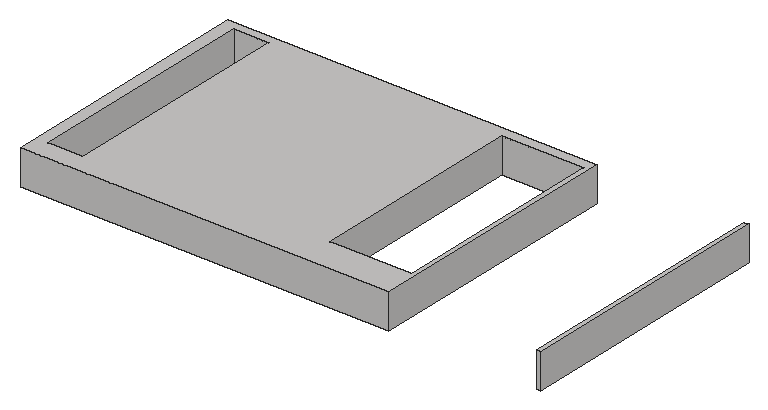
Revit family "QS Compact 20-25 Ton Packaged with Return Air", category Mechanical Equipment, Revit 2012
Parameters
  URL = "http://www.desert-aire.com/"
  Type Comments = ""
  Model = ""
  Manufacturer = "DESERT AIRE"
  Description = "OUTDOOR AIR SYSTEM DEHUMIDIFIER 20-25 TON"
  Curb Height [instance] = 1' - 0"
  Cost = 0
  2 Piece Curb [instance] = yes
  1 Piece Curb [instance] = not([2 Piece Curb])  # no
Reference planes (in)
  plane 1: y = 0
  plane 2: z = 0
  plane 3: x = 0
  plane 4: z = 74.6504
  plane 5 "BOTTOM": z = 12
Forms (in)
  Extrusion 1, solid, material "Steel", visible <- "2 Piece Curb"
    sketch origin (-14.04291, 16.16718, 0) x (1, 0, 0) y (0, 1, 0)
      loop
        line (-64.8132, -62.71884) -> (62.0022, -62.71884) -> (62.0022, 26.53116) -> (-64.8132, 26.53116) -> (-64.8132, -62.71884)
      loop
        line (-48.6052, -56.26718) -> (-48.6052, 23.73282) -> (-60.6052, 23.73282) -> (-60.6052, -56.26718) -> (-48.6052, -56.26718)
      loop
        line (60.3948, 22.98282) -> (32.3948, 22.98282) -> (32.3948, -51.01718) -> (60.3948, -51.01718) -> (60.3948, 22.98282)
    from 0 to 12
  Extrusion 2, solid, material "Steel", visible <- "2 Piece Curb"
    sketch origin (172.23041, 16.16718, 0) x (1, 0, 0) y (0, 1, 0)
      loop
        line (-73.58652, -62.71884) -> (-72.08652, -62.71884) -> (-72.08652, 26.53116) -> (-73.58652, 26.53116) -> (-73.58652, -62.71884)
    from 0 to 12
  Extrusion 3, solid, material "Steel", visible <- "1 Piece Curb"
    sketch origin (-16.01959, 16.16718, -16) x (1, 0, 0) y (0, 1, 0)
      loop
        line (-62.83652, -62.71884) -> (116.16348, -62.71884) -> (116.16348, 26.53116) -> (-62.83652, 26.53116) -> (-62.83652, -62.71884)
      loop
        line (-58.62852, -56.26718) -> (-46.62852, -56.26718) -> (-46.62852, 23.73282) -> (-58.62852, 23.73282) -> (-58.62852, -56.26718)
      loop
        line (34.37148, -51.01718) -> (62.37148, -51.01718) -> (62.37148, 22.98282) -> (34.37148, 22.98282) -> (34.37148, -51.01718)
    from 16 to 28
Dimensions and locks (in)
  locked: plane 4 to plane 5 "BOTTOM" at 62.6504
  "Curb Height": plane 5 "BOTTOM" to plane 2
  aligned and locked: plane 5 "BOTTOM" to Extrusion 1
  aligned and locked: Extrusion 1 to plane 2
  aligned and locked: plane 5 "BOTTOM" to Extrusion 2
  aligned and locked: plane 2 to Extrusion 2
  aligned and locked: plane 5 "BOTTOM" to Extrusion 3
  aligned and locked: Extrusion 3 to plane 2
  aligned and locked: plane 4 to nested 1
  aligned and locked: plane 5 "BOTTOM" to nested 1
Automatic sketch dimensions
  plane 3 to Extrusion 2 sketch curve = 8' - 2.6439"
  Extrusion 2 sketch curve to Extrusion 2 sketch curve = 0' - 1 1/2"
  plane 1 to Extrusion 2 sketch curve = 3' - 10.55166"
  Extrusion 2 sketch curve to Extrusion 2 sketch curve = 7' - 5 1/4"
  Extrusion 3 sketch curve to plane 3 = 6' - 6.8561"
  Extrusion 3 sketch curve to Extrusion 3 sketch curve = 1' - 0"
  Extrusion 3 sketch curve to plane 1 = 3' - 6.69834"
  plane 3 to Extrusion 3 sketch curve = 8' - 4.1439"
  Extrusion 3 sketch curve to Extrusion 3 sketch curve = 0' - 2.79834"
  plane 1 to Extrusion 3 sketch curve = 3' - 4.1"
  Extrusion 3 sketch curve to Extrusion 3 sketch curve = 0' - 6.45166"
  Extrusion 3 sketch curve to Extrusion 3 sketch curve = 0' - 4.208"
  plane 3 to Extrusion 3 sketch curve = 1' - 6.3519"
  Extrusion 3 sketch curve to Extrusion 3 sketch curve = 2' - 4"
  plane 1 to Extrusion 3 sketch curve = 2' - 10.85"
  Extrusion 3 sketch curve to plane 1 = 3' - 3.15"
  Extrusion 1 sketch curve to plane 3 = 6' - 6.8561"
  Extrusion 1 sketch curve to Extrusion 1 sketch curve = 0' - 4.208"
  Extrusion 1 sketch curve to Extrusion 1 sketch curve = 1' - 0"
  plane 3 to Extrusion 1 sketch curve = 3' - 11.9593"
  plane 1 to Extrusion 1 sketch curve = 3' - 10.55166"
  Extrusion 1 sketch curve to Extrusion 1 sketch curve = 0' - 6.45166"
  Extrusion 1 sketch curve to plane 1 = 3' - 3.9"
  Extrusion 1 sketch curve to plane 1 = 3' - 6.69834"
  plane 3 to Extrusion 1 sketch curve = 1' - 6.3519"
  Extrusion 1 sketch curve to Extrusion 1 sketch curve = 0' - 1.6074"
  Extrusion 1 sketch curve to Extrusion 1 sketch curve = 0' - 11.70166"
  Extrusion 1 sketch curve to Extrusion 1 sketch curve = 0' - 3.54834"
Nested families (in)
  nested 1: "20-25 Ton Recirc" at (-80.3481, -3.2, 17.1484) x (0, -1, 0) z (0, 0, 1), type "20-25 Ton Recirc"
Connectors (in)
  piping at (-46.8051, -43.8582, 12)
    settings: index 1, connector radius 3/8", flow factor 0, pipe flow 0 GPM, pressure drop 0.00 psi, fitting loss kfactor 0, connector angle 0.00°, fixture units 0, engagement length 0' - 0", flow configuration 0, flow direction 0, fitting loss method 0, system type 22, joint type 0, gender type 0, connector reference index -1, connector utility 0, adjustable connector no, is connector primary yes, fitting loss table "", connector description "BOTTOM CONDENSATE LOCATION OPTION"
  piping at (1.19802, -50.4832, 20.72996)
    settings: on nested 1, index 2, connector radius 3/8", flow factor 0, pipe flow 0 GPM, pressure drop 0.00 psi, fitting loss kfactor 0, connector angle 0.00°, fixture units 0, engagement length 0' - 0", flow configuration 0, flow direction 0, fitting loss method 0, system type 22, joint type 0, gender type 0, connector reference index -1, connector utility 0, adjustable connector no, is connector primary no, fitting loss table "", connector description "OPTIONAL GAS HEATER SUPPLY LINE"
  piping at (-52.78685, 44.083, 19.8984)
    settings: on nested 1, index 3, connector radius 3/8", flow factor 0, pipe flow 0 GPM, pressure drop 0.00 psi, fitting loss kfactor 0, connector angle 0.00°, fixture units 0, engagement length 0' - 0", flow configuration 0, flow direction 0, fitting loss method 0, system type 22, joint type 0, gender type 0, connector reference index -1, connector utility 0, adjustable connector no, is connector primary no, fitting loss table "", connector description "LEFT SIDE CONDENSATE DRAIN LINE"
  electrical at (-39.53717, -50.4832, 20.51376)
    settings: on nested 1, index 4, voltage 0 V, apparent load 0 VA, apparent load phase1 0 VA, apparent load phase2 0 VA, apparent load phase3 0 VA, power factor 1, load classification "Other", number of poles 1, system type 30, power factor state 1, is connector primary yes, connector utility no, sub classification motor no, connector description "SIDE ELECTRIC CONNECTION AREA"
  electrical at (-29.45242, 36.03619, 12)
    settings: index 5, voltage 0 V, apparent load 0 VA, apparent load phase1 0 VA, apparent load phase2 0 VA, apparent load phase3 0 VA, power factor 1, load classification "Other", number of poles 1, system type 30, power factor state 1, is connector primary no, connector utility no, sub classification motor no, connector description "BOTTOM ELECTRICAL CONNECTION AREA"
  hvac at (-68.83192, 0.17464, 12)
    settings: index 6, duct flow 0 CFM, flow factor 0, pres drop 0.00 in-wg, loss coef 0, conn angle 0.00°, conn width 12", conn height 80", conn radius 12", duct sys type 2, conn prof type 1, flow config 0, flow direction 0, loss method 0, conn ref index -1, conn util no, is conn primary yes, conn desc "RETURN INTAKE"
  hvac at (32.31888, 2.26583, 12)
    settings: index 7, duct flow 0 CFM, flow factor 0, pres drop 0.00 in-wg, loss coef 0, conn angle 0.00°, conn width 28", conn height 74", conn radius 12", duct sys type 1, conn prof type 1, flow config 0, flow direction 0, loss method 0, conn ref index -1, conn util no, is conn primary no, conn desc "SUPPLY DISCHARGE"
Definition of nested family "20-25 Ton Recirc"
  Parameters (values of type "20-25 Ton Recirc")
    URL = ""
    Type Comments = ""
    Model = ""
    Manufacturer = ""
    Description = ""
    Cost = 0
  Reference planes (in)
    plane 1: y = 0
    plane 2: z = 0
    plane 3: x = 0
